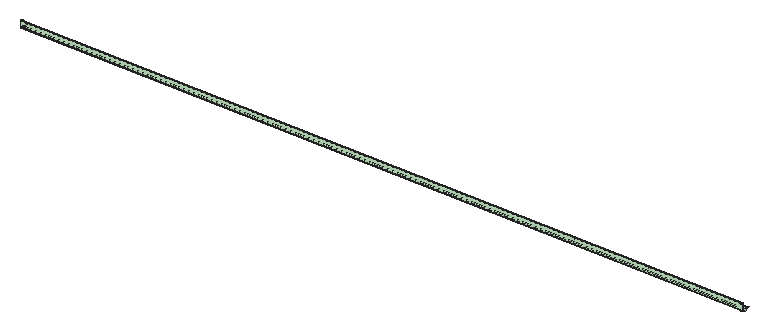
Revit family "axll3032", category 機械設備, Revit 2022
Family settings
  丸型コネクタ寸法 = 直径を使用
  種別 = なし
  パーツ タイプ = 標準
  作業面ベース = いいえ
  常に垂直 = はい
  ロード時にボイドで切り取り = いいえ
  注釈の向きを維持 = いいえ
  共有 = いいえ
  部屋計算ポイント = いいえ
Parameters
  製造元 = "株式会社桐井製作所"
  既定の高さ = 0 mm
  URL = "https://www.kirii.co.jp/"
  K_材質 = "カラー鋼板"
  K_品名 = "AXLL3032"
  K_名称 = "システム天井見切り"
  K_入数 = "20"
  K_バージョン情報 = "20220411"
Reference planes
  plane 1 "中心(正面/背面)": y = 0
  plane 2: z = 0
  plane 3 "中心(左/右)": x = 0
  plane 4: x = 3200
Forms (mm)
  Extrusion 1, solid
    sketch origin (0, 0, 0) x (0, 1, 0) y (0, 0, 1)
      loop
        line (2.741, 27.331) -> (3, 28.082) -> (2.239, 29.4)
        arc (2.239, 29.4) -> (0.889, 29.959) -> (0, 28.8) r 1.2
        line (0, 28.8) -> (0, 1.2)
        arc (0, 1.2) -> (0.351, 0.351) -> (1.2, 0) r 1.2
        line (1.2, 0) -> (14.4, 0)
        arc (14.4, 0) -> (14.824, -0.176) -> (15, -0.6) r 0.6
        line (15, -0.6) -> (15, -5.8)
        arc (15, -5.8) -> (15.555, -6.812) -> (16.707, -6.888) r 1.2
        line (16.707, -6.888) -> (31.307, -0.079)
        arc (31.307, -0.079) -> (31.99, 1.165) -> (31.008, 2.19) r 1.2
        line (31.008, 2.19) -> (29.249, 2.5) -> (28.632, 2) -> (30.904, 1.599)
        arc (30.904, 1.599) -> (31.395, 1.086) -> (31.054, 0.464) r 0.6
        line (31.054, 0.464) -> (16.454, -6.344)
        arc (16.454, -6.344) -> (15.878, -6.306) -> (15.6, -5.8) r 0.6
        line (15.6, -5.8) -> (15.6, -0.6)
        arc (15.6, -0.6) -> (15.249, 0.249) -> (14.4, 0.6) r 1.2
        line (14.4, 0.6) -> (1.2, 0.6)
        arc (1.2, 0.6) -> (0.776, 0.776) -> (0.6, 1.2) r 0.6
        line (0.6, 1.2) -> (0.6, 28.8)
        arc (0.6, 28.8) -> (1.045, 29.38) -> (1.72, 29.1) r 0.6
        line (1.72, 29.1) -> (2.741, 27.331)
    from 0 to 3200
Dimensions and locks
  plane 4 to plane 3 "中心(左/右)" = 3200 mm
  aligned and locked: level to plane 2
  aligned and locked: plane 4 to Extrusion 1
